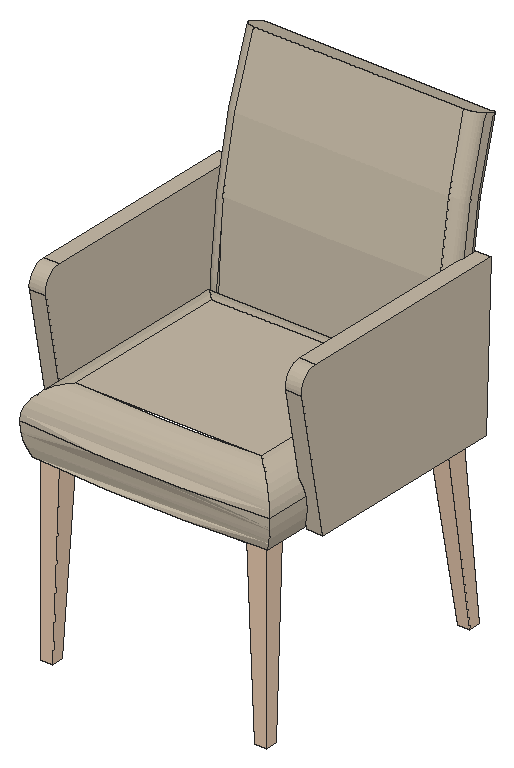
Revit family "Furniture_Chair_PALM BEACH 5.0", category Furniture, Revit 2020
Family settings
  OmniClass Number = 23.21.23.15.17
  Work Plane-Based = Yes
  Always vertical = No
  Cut with Voids When Loaded = No
  Shared = No
  Room Calculation Point = No
Parameters (values of type "PALM BEACH 5.0")
  Youtube clip = ""
  Uniformat II Description = "Movable Furnishings"
  Uniformat II Code = ""
  Uniclass 2015 Name = ""
  Uniclass 2015 Code = ""
  Uniclass 2.0 Description = ""
  Uniclass 2.0 Code = ""
  Uniclass 1.4 Description = ""
  Uniclass 1.4 Code = ""
  UNSPSC Code = ""
  Technical description = ""
  Shell Material = Fabric - Mainline Flax - Upminster MLF20
  Frame Material = Wood - Beech - Timber
  Region South America = "All"
  Region Oceania = "All"
  Region North America = "All"
  Region Middle East = "All"
  Region Europe = "All"
  Region Asia = "All"
  Region Antarctica = "All"
  Region Africa = "All"
  QR code = "https://www.sandlerseating.com/product/palm-beach-5-0/"
  Product url = "https://www.sandlerseating.com/product/palm-beach-5-0/"
  Product name = "PALM BEACH 5.0"
  Product group = "Chair"
  Product family = "Furniture"
  Product data url = "https://www.sandlerseating.com/product/palm-beach-5-0/"
  Product certification = ""
  Product SKU = "??"
  Product Guid = "??"
  OmniClass Description = ""
  OmniClass Code = "23-21 23 15 17"
  NBS Reference Description = ""
  NBS Reference Code = ""
  Model = "PALM BEACH 5.0"
  Masterformat 2014 Description = "Chair Mats"
  Masterformat 2014 Code = "12 48 43.13"
  Manufacturer name = "Sandler"
  Manufacturer country = "USA"
  Manufacturer = "Sandler"
  Installation instructions = ""
  IFC Classification = "Furnishing Element"
  GTIN code = ""
  Edition number = 1
  Design country = "Brasil"
  Description = "Chair"
  Default Elevation = 0.000 mm
  Date of publishing = ""
  COBIe Type Category = ""
  Brand url = "https://www.sandlerseating.com/"
  BIMobject main category code = "furniture"
  BIMobject main category = "Furniture"
  BIMobject category code = "furniture-chair"
  BIMobject category = "Chair"
Reference planes
  plane 1 "Center Front/Back": y = 0
  plane 2: z = 0
  plane 3 "Center Left/Right": x = 0
Forms (mm)
  SweptBlend 1, solid, material "Fabric - Mainline Flax - Upminster MLF20" <- "Shell Material"
    path origin (0.021, 12.403, 0) x (0, 1, 0) y (0, 0, 1)
      loop
        arc (318.429, 896.679) -> (247.467, 629.178) -> (238.058, 352.583) r 1230.984
    profile origin (0.021, 330.832, 896.679) x (0, 0.931619, -0.363437) y (1, 0, 0)
      loop
        line (20.402, -222.125) -> (20.402, 225.373)
        arc (20.402, 225.373) -> (17.474, 232.444) -> (10.402, 235.373) r 10
        line (10.402, 235.373) -> (-9.598, 235.373)
        arc (-9.598, 235.373) -> (-27.275, 228.05) -> (-34.598, 210.373) r 25
        line (-34.598, 210.373) -> (-34.598, -207.125)
        arc (-34.598, -207.125) -> (-27.275, -224.803) -> (-9.598, -232.125) r 25
        line (-9.598, -232.125) -> (10.402, -232.125)
        arc (10.402, -232.125) -> (17.474, -229.196) -> (20.402, -222.125) r 10
    end profile origin (0.021, 250.46, 352.583) x (0, 0.996909, 0.078564) y (1, 0, 0)
      loop
        line (25.645, -235.139) -> (25.645, 237.901)
        arc (25.645, 237.901) -> (22.717, 244.972) -> (15.645, 247.901) r 10
        line (15.645, 247.901) -> (-1.894, 247.901)
        arc (-1.894, 247.901) -> (-19.572, 240.579) -> (-26.894, 222.901) r 25
        line (-26.894, 222.901) -> (-26.894, -220.139)
        arc (-26.894, -220.139) -> (-19.572, -237.816) -> (-1.894, -245.139) r 25
        line (-1.894, -245.139) -> (15.645, -245.139)
        arc (15.645, -245.139) -> (22.717, -242.21) -> (25.645, -235.139) r 10
  Extrusion 2, solid, material "Fabric - Mainline Flax - Upminster MLF20" <- "Shell Material"
    sketch origin (0.021, 12.403, 840) x (-1, 0, 0) y (0, -1, 0)
      loop
        line (248.589, -218.746) -> (248.589, 242.183)
        arc (248.589, 242.183) -> (0.023, 254.709) -> (-248.589, 243.132) r 2569.886
        line (-248.589, 243.132) -> (-248.589, -218.746) -> (248.589, -218.746)
    from -479.2 to -350.103
  Sweep 3, void
    path in 3D
      loop
        line (-248.569, -229.781, 489.897) -> (-248.569, 231.149, 489.897) -> (248.61, 231.149, 489.897) -> (248.61, -230.73, 489.897)
        arc (248.61, -230.73, 489.897) -> (-0.002, -242.307, 489.897) -> (-248.569, -229.781, 489.897) r 2569.886
    profile origin (-0.002, -242.307, 489.897) x (-0.001909, -0.999998, 0) y (0, 0, 1)
      loop
        arc (-64.548, 0) -> (-18.906, -18.906) -> (0, -64.548) r 64.548
        arc (0, -64.548) -> (-3.774, -97.671) -> (-14.902, -129.096) r 147.246
        line (-14.902, -129.096) -> (25.452, -129.096) -> (25.452, 0) -> (-64.548, 0)
  Blend 4, solid, material "Wood - Beech - Timber" <- "Frame Material"
    base sketch origin (11.479, 25.171, 840) x (-1, 0, 0) y (0, -1, 0)
      loop
        line (235.546, 195.254) -> (235.546, 234.079) -> (197.379, 234.079) -> (197.379, 195.254) -> (235.546, 195.254)
    top sketch origin (11.479, 25.171, 840) x (-1, 0, 0) y (0, -1, 0)
      loop
        line (212.008, 210.203) -> (235.546, 210.203) -> (235.546, 234.079) -> (212.008, 234.079) -> (212.008, 210.203)
    from -479.2 to -840
  Blend 5, solid, material "Wood - Beech - Timber" <- "Frame Material"
    base sketch origin (-11.438, 25.171, 840) x (1, 0, 0) y (0, 1, 0)
      loop
        line (235.546, -195.254) -> (197.379, -195.254) -> (197.379, -234.079) -> (235.546, -234.079) -> (235.546, -195.254)
    top sketch origin (-11.438, 25.171, 840) x (1, 0, 0) y (0, 1, 0)
      loop
        line (212.008, -210.203) -> (212.008, -234.079) -> (235.546, -234.079) -> (235.546, -210.203) -> (212.008, -210.203)
    from -479.2 to -840
  Blend 6, solid, material "Wood - Beech - Timber" <- "Frame Material"
    base sketch origin (0.021, 12.403, 840) x (-1, 0, 0) y (0, -1, 0)
      loop
        line (197.378, -213.052) -> (197.378, -251.878) -> (235.545, -251.878) -> (235.545, -213.052) -> (197.378, -213.052)
    top sketch origin (0.021, 12.403, 840) x (-1, 0, 0) y (0, -1, 0)
      loop
        line (235.545, -291.791) -> (235.545, -268.262) -> (211.722, -268.262) -> (211.722, -291.791) -> (235.545, -291.791)
    from -478.581 to -840
  Blend 7, solid, material "Wood - Beech - Timber" <- "Frame Material"
    base sketch origin (0.021, 12.403, 840) x (1, 0, 0) y (0, 1, 0)
      loop
        line (197.378, 213.052) -> (235.545, 213.052) -> (235.545, 251.878) -> (197.378, 251.878) -> (197.378, 213.052)
    top sketch origin (0.021, 12.403, 840) x (1, 0, 0) y (0, 1, 0)
      loop
        line (235.545, 291.791) -> (211.722, 291.791) -> (211.722, 268.262) -> (235.545, 268.262) -> (235.545, 291.791)
    from -478.581 to -840
  Extrusion 8, void
    sketch origin (0.021, 12.403, 0) x (0, 1, 0) y (0, 0, 1)
      loop
        line (185.776, 360.8) -> (185.776, 345.8) -> (275.776, 345.8) -> (275.776, 360.8) -> (185.776, 360.8)
    from -259.065 to 259.553
  Extrusion 9, solid, material "Fabric - Mainline Flax - Upminster MLF20" <- "Shell Material"
    sketch origin (0.021, 12.403, 0) x (0, -1, 0) y (0, 0, 1)
      loop
        arc (-275.179, 672.334) -> (-261.353, 516.869) -> (-263.091, 360.8) r 1563.942
        line (-263.091, 360.8) -> (141.817, 360.8) -> (194.272, 630.656)
        arc (194.272, 630.656) -> (186.922, 659.597) -> (159.915, 672.334) r 35
        line (159.915, 672.334) -> (-275.179, 672.334)
    from 235.545 to 267.606
  Extrusion 10, solid, material "Fabric - Mainline Flax - Upminster MLF20" <- "Shell Material"
    sketch origin (5.02, 12.403, -0.028) x (0, -1, 0) y (0, 0, -1)
      loop
        line (-275.179, -672.334) -> (159.915, -672.334)
        arc (159.915, -672.334) -> (186.922, -659.597) -> (194.272, -630.656) r 35
        line (194.272, -630.656) -> (141.817, -360.8) -> (-263.091, -360.8)
        arc (-263.091, -360.8) -> (-261.353, -516.869) -> (-275.179, -672.334) r 1563.942
    from 235.545 to 267.606
Cuts and joins
  Sweep 3 cuts Extrusion 2
  Extrusion 8 cuts SweptBlend 1
Lines and regions (mm)
  sketch lines
    curve 1: arc (248.61, -230.73, 489.897) -> (-0.002, -242.307, 489.897) -> (-248.569, -229.781, 489.897) r 2569.886
    curve 2: line (248.61, -230.73, 489.897) -> (248.61, 231.149, 489.897)
    curve 3: line (248.61, 231.149, 489.897) -> (-248.569, 231.149, 489.897)
    curve 4: line (-248.569, 231.149, 489.897) -> (-248.569, -229.781, 489.897)
Dimensions and locks
  aligned and locked: level to plane 2
